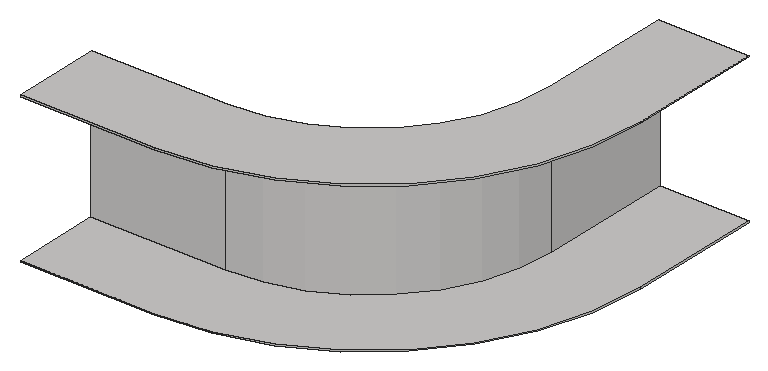
Revit family "S4R_OBO BETTERMANN_CableTray_Bend_Vertical_Outside_RBV F FS", category Cable Tray Fittings, Revit 2012
Parameters
  Wholesaler art.no. = ""
  Wholesaler = ""
  Watermarked By = "www.stabiplan.com"
  WIDTH2 [instance] = WIDTH1  # 100 mm
  WIDTH1 [instance] = 100 mm
  VERSION = "91900"  # constant formula
  URL = "www.stabiplan.com"
  built-in parameter 1140111 [instance] = 1 mm
  TYPE [instance] = "RBV F FS"  # constant formula
  StabiCAD_PM = ""
  Safe_Half_Height2 [instance] = if(not([built-in parameter 1140115] > Half_Height2), [built-in parameter 1140115] - 0.2 mm, Half_Height2)  # 30 mm
  Safe_Half_Height1 [instance] = if(not([built-in parameter 1140115] > Half_Height1), [built-in parameter 1140115] - 0.2 mm, Half_Height1)  # 30 mm
  Manufacturer = "OBO BETTERMANN"  # constant formula
  Lmin [instance] = if(LENGTH1 > LENGTH2, LENGTH2, LENGTH1) - L1_Tail  # 150 mm
  PRODUCTLINE [instance] = "OBO BETTERMANN CableTrays"  # constant formula
  LENGTH2 [instance] = if(and(WIDTH1 = 50 mm, HEIGHT1 = 60 mm, ANGLE2 = 90.00°), 240 mm, if(and(WIDTH1 = 100 mm, HEIGHT1 = 60 mm, ANGLE2 = 90.00°), 240 mm, if(and(WIDTH1 = 150 mm, HEIGHT1 = 60 mm, ANGLE2 = 90.00°), 240 mm, if(and(WIDTH1 = 200 mm, HEIGHT1 = 60 mm, ANGLE2 = 90.00°), 240 mm, if(and(WIDTH1 = 300 mm, HEIGHT1 = 60 mm, ANGLE2 = 90.00°), 240 mm, if(and(WIDTH1 = 400 mm, HEIGHT1 = 60 mm, ANGLE2 = 90.00°), 240 mm, if(and(WIDTH1 = 500 mm, HEIGHT1 = 60 mm, ANGLE2 = 90.00°), 240 mm, if(and(WIDTH1 = 600 mm, HEIGHT1 = 60 mm, ANGLE2 = 90.00°), 240 mm, if(and(WIDTH1 = 50 mm, HEIGHT1 = 35 mm, ANGLE2 = 90.00°), 227.5 mm, if(and(WIDTH1 = 100 mm, HEIGHT1 = 35 mm, ANGLE2 = 90.00°), 227.5 mm, if(and(WIDTH1 = 150 mm, HEIGHT1 = 35 mm, ANGLE2 = 90.00°), 227.5 mm, if(and(WIDTH1 = 200 mm, HEIGHT1 = 35 mm, ANGLE2 = 90.00°), 227.5 mm, if(and(WIDTH1 = 300 mm, HEIGHT1 = 35 mm, ANGLE2 = 90.00°), 227.5 mm, if(and(WIDTH1 = 100 mm, HEIGHT1 = 85 mm, ANGLE2 = 90.00°), 252.5 mm, if(and(WIDTH1 = 150 mm, HEIGHT1 = 85 mm, ANGLE2 = 90.00°), 252.5 mm, if(and(WIDTH1 = 200 mm, HEIGHT1 = 85 mm, ANGLE2 = 90.00°), 252.5 mm, if(and(WIDTH1 = 300 mm, HEIGHT1 = 85 mm, ANGLE2 = 90.00°), 252.5 mm, if(and(WIDTH1 = 400 mm, HEIGHT1 = 85 mm, ANGLE2 = 90.00°), 252.5 mm, if(and(WIDTH1 = 500 mm, HEIGHT1 = 85 mm, ANGLE2 = 90.00°), 252.5 mm, if(and(WIDTH1 = 600 mm, HEIGHT1 = 85 mm, ANGLE2 = 90.00°), 252.5 mm, if(and(WIDTH1 = 100 mm, HEIGHT1 = 110 mm, ANGLE2 = 90.00°), 270 mm, if(and(WIDTH1 = 150 mm, HEIGHT1 = 110 mm, ANGLE2 = 90.00°), 270 mm, if(and(WIDTH1 = 200 mm, HEIGHT1 = 110 mm, ANGLE2 = 90.00°), 270 mm, if(and(WIDTH1 = 300 mm, HEIGHT1 = 110 mm, ANGLE2 = 90.00°), 270 mm, if(and(WIDTH1 = 400 mm, HEIGHT1 = 110 mm, ANGLE2 = 90.00°), 270 mm, if(and(WIDTH1 = 500 mm, HEIGHT1 = 110 mm, ANGLE2 = 90.00°), 270 mm, if(and(WIDTH1 = 600 mm, HEIGHT1 = 110 mm, ANGLE2 = 90.00°), 270 mm, if(and(WIDTH1 = 100 mm, HEIGHT1 = 110 mm, ANGLE2 = 90.00°), 265 mm, if(and(WIDTH1 = 150 mm, HEIGHT1 = 110 mm, ANGLE2 = 90.00°), 265 mm, if(and(WIDTH1 = 200 mm, HEIGHT1 = 110 mm, ANGLE2 = 90.00°), 265 mm, if(and(WIDTH1 = 300 mm, HEIGHT1 = 110 mm, ANGLE2 = 90.00°), 265 mm, if(and(WIDTH1 = 400 mm, HEIGHT1 = 110 mm, ANGLE2 = 90.00°), 265 mm, if(and(WIDTH1 = 500 mm, HEIGHT1 = 110 mm, ANGLE2 = 90.00°), 265 mm, if(and(WIDTH1 = 600 mm, HEIGHT1 = 110 mm, ANGLE2 = 90.00°), 265 mm, WIDTH1))))))))))))))))))))))))))))))))))  # 240 mm
  LENGTH1 [instance] = if(and(WIDTH1 = 50 mm, HEIGHT1 = 60 mm, ANGLE2 = 90.00°), 240 mm, if(and(WIDTH1 = 100 mm, HEIGHT1 = 60 mm, ANGLE2 = 90.00°), 240 mm, if(and(WIDTH1 = 150 mm, HEIGHT1 = 60 mm, ANGLE2 = 90.00°), 240 mm, if(and(WIDTH1 = 200 mm, HEIGHT1 = 60 mm, ANGLE2 = 90.00°), 240 mm, if(and(WIDTH1 = 300 mm, HEIGHT1 = 60 mm, ANGLE2 = 90.00°), 240 mm, if(and(WIDTH1 = 400 mm, HEIGHT1 = 60 mm, ANGLE2 = 90.00°), 240 mm, if(and(WIDTH1 = 500 mm, HEIGHT1 = 60 mm, ANGLE2 = 90.00°), 240 mm, if(and(WIDTH1 = 600 mm, HEIGHT1 = 60 mm, ANGLE2 = 90.00°), 240 mm, if(and(WIDTH1 = 50 mm, HEIGHT1 = 35 mm, ANGLE2 = 90.00°), 227.5 mm, if(and(WIDTH1 = 100 mm, HEIGHT1 = 35 mm, ANGLE2 = 90.00°), 227.5 mm, if(and(WIDTH1 = 150 mm, HEIGHT1 = 35 mm, ANGLE2 = 90.00°), 227.5 mm, if(and(WIDTH1 = 200 mm, HEIGHT1 = 35 mm, ANGLE2 = 90.00°), 227.5 mm, if(and(WIDTH1 = 300 mm, HEIGHT1 = 35 mm, ANGLE2 = 90.00°), 227.5 mm, if(and(WIDTH1 = 100 mm, HEIGHT1 = 85 mm, ANGLE2 = 90.00°), 252.5 mm, if(and(WIDTH1 = 150 mm, HEIGHT1 = 85 mm, ANGLE2 = 90.00°), 252.5 mm, if(and(WIDTH1 = 200 mm, HEIGHT1 = 85 mm, ANGLE2 = 90.00°), 252.5 mm, if(and(WIDTH1 = 300 mm, HEIGHT1 = 85 mm, ANGLE2 = 90.00°), 252.5 mm, if(and(WIDTH1 = 400 mm, HEIGHT1 = 85 mm, ANGLE2 = 90.00°), 252.5 mm, if(and(WIDTH1 = 500 mm, HEIGHT1 = 85 mm, ANGLE2 = 90.00°), 252.5 mm, if(and(WIDTH1 = 600 mm, HEIGHT1 = 85 mm, ANGLE2 = 90.00°), 252.5 mm, if(and(WIDTH1 = 100 mm, HEIGHT1 = 110 mm, ANGLE2 = 90.00°), 270 mm, if(and(WIDTH1 = 150 mm, HEIGHT1 = 110 mm, ANGLE2 = 90.00°), 270 mm, if(and(WIDTH1 = 200 mm, HEIGHT1 = 110 mm, ANGLE2 = 90.00°), 270 mm, if(and(WIDTH1 = 300 mm, HEIGHT1 = 110 mm, ANGLE2 = 90.00°), 270 mm, if(and(WIDTH1 = 400 mm, HEIGHT1 = 110 mm, ANGLE2 = 90.00°), 270 mm, if(and(WIDTH1 = 500 mm, HEIGHT1 = 110 mm, ANGLE2 = 90.00°), 270 mm, if(and(WIDTH1 = 600 mm, HEIGHT1 = 110 mm, ANGLE2 = 90.00°), 270 mm, if(and(WIDTH1 = 100 mm, HEIGHT1 = 110 mm, ANGLE2 = 90.00°), 265 mm, if(and(WIDTH1 = 150 mm, HEIGHT1 = 110 mm, ANGLE2 = 90.00°), 265 mm, if(and(WIDTH1 = 200 mm, HEIGHT1 = 110 mm, ANGLE2 = 90.00°), 265 mm, if(and(WIDTH1 = 300 mm, HEIGHT1 = 110 mm, ANGLE2 = 90.00°), 265 mm, if(and(WIDTH1 = 400 mm, HEIGHT1 = 110 mm, ANGLE2 = 90.00°), 265 mm, if(and(WIDTH1 = 500 mm, HEIGHT1 = 110 mm, ANGLE2 = 90.00°), 265 mm, if(and(WIDTH1 = 600 mm, HEIGHT1 = 110 mm, ANGLE2 = 90.00°), 265 mm, WIDTH1))))))))))))))))))))))))))))))))))  # 240 mm
  L2_Tail [instance] = if(ISCUSTOM, 1 mm, 90 mm)  # 90 mm
  L1_Tail [instance] = if(ISCUSTOM, 1 mm, 90 mm)  # 90 mm
  Internal art.no. = ""
  ISCUSTOM [instance] = if(and(WIDTH1 = 50 mm, HEIGHT1 = 60 mm, ANGLE2 = 90.00°), 1 = 0, if(and(WIDTH1 = 100 mm, HEIGHT1 = 60 mm, ANGLE2 = 90.00°), 1 = 0, if(and(WIDTH1 = 150 mm, HEIGHT1 = 60 mm, ANGLE2 = 90.00°), 1 = 0, if(and(WIDTH1 = 200 mm, HEIGHT1 = 60 mm, ANGLE2 = 90.00°), 1 = 0, if(and(WIDTH1 = 300 mm, HEIGHT1 = 60 mm, ANGLE2 = 90.00°), 1 = 0, if(and(WIDTH1 = 400 mm, HEIGHT1 = 60 mm, ANGLE2 = 90.00°), 1 = 0, if(and(WIDTH1 = 500 mm, HEIGHT1 = 60 mm, ANGLE2 = 90.00°), 1 = 0, if(and(WIDTH1 = 600 mm, HEIGHT1 = 60 mm, ANGLE2 = 90.00°), 1 = 0, if(and(WIDTH1 = 50 mm, HEIGHT1 = 35 mm, ANGLE2 = 90.00°), 1 = 0, if(and(WIDTH1 = 100 mm, HEIGHT1 = 35 mm, ANGLE2 = 90.00°), 1 = 0, if(and(WIDTH1 = 150 mm, HEIGHT1 = 35 mm, ANGLE2 = 90.00°), 1 = 0, if(and(WIDTH1 = 200 mm, HEIGHT1 = 35 mm, ANGLE2 = 90.00°), 1 = 0, if(and(WIDTH1 = 300 mm, HEIGHT1 = 35 mm, ANGLE2 = 90.00°), 1 = 0, if(and(WIDTH1 = 100 mm, HEIGHT1 = 85 mm, ANGLE2 = 90.00°), 1 = 0, if(and(WIDTH1 = 150 mm, HEIGHT1 = 85 mm, ANGLE2 = 90.00°), 1 = 0, if(and(WIDTH1 = 200 mm, HEIGHT1 = 85 mm, ANGLE2 = 90.00°), 1 = 0, if(and(WIDTH1 = 300 mm, HEIGHT1 = 85 mm, ANGLE2 = 90.00°), 1 = 0, if(and(WIDTH1 = 400 mm, HEIGHT1 = 85 mm, ANGLE2 = 90.00°), 1 = 0, if(and(WIDTH1 = 500 mm, HEIGHT1 = 85 mm, ANGLE2 = 90.00°), 1 = 0, if(and(WIDTH1 = 600 mm, HEIGHT1 = 85 mm, ANGLE2 = 90.00°), 1 = 0, if(and(WIDTH1 = 100 mm, HEIGHT1 = 110 mm, ANGLE2 = 90.00°), 1 = 0, if(and(WIDTH1 = 150 mm, HEIGHT1 = 110 mm, ANGLE2 = 90.00°), 1 = 0, if(and(WIDTH1 = 200 mm, HEIGHT1 = 110 mm, ANGLE2 = 90.00°), 1 = 0, if(and(WIDTH1 = 300 mm, HEIGHT1 = 110 mm, ANGLE2 = 90.00°), 1 = 0, if(and(WIDTH1 = 400 mm, HEIGHT1 = 110 mm, ANGLE2 = 90.00°), 1 = 0, if(and(WIDTH1 = 500 mm, HEIGHT1 = 110 mm, ANGLE2 = 90.00°), 1 = 0, if(and(WIDTH1 = 600 mm, HEIGHT1 = 110 mm, ANGLE2 = 90.00°), 1 = 0, if(and(WIDTH1 = 100 mm, HEIGHT1 = 110 mm, ANGLE2 = 90.00°), 1 = 0, if(and(WIDTH1 = 150 mm, HEIGHT1 = 110 mm, ANGLE2 = 90.00°), 1 = 0, if(and(WIDTH1 = 200 mm, HEIGHT1 = 110 mm, ANGLE2 = 90.00°), 1 = 0, if(and(WIDTH1 = 300 mm, HEIGHT1 = 110 mm, ANGLE2 = 90.00°), 1 = 0, if(and(WIDTH1 = 400 mm, HEIGHT1 = 110 mm, ANGLE2 = 90.00°), 1 = 0, if(and(WIDTH1 = 500 mm, HEIGHT1 = 110 mm, ANGLE2 = 90.00°), 1 = 0, if(and(WIDTH1 = 600 mm, HEIGHT1 = 110 mm, ANGLE2 = 90.00°), 1 = 0, 1 = 1))))))))))))))))))))))))))))))))))  # no
  IFCExportType = ""
  IFCExportAs = ""
  Half_Height2 [instance] = HEIGHT2 / 2  # 30 mm
  Half_Height1 [instance] = HEIGHT1 / 2  # 30 mm
  HEIGHT2 [instance] = HEIGHT1  # 60 mm
  HEIGHT1 [instance] = 60 mm
  GTINNUMBER [instance] = if(and(WIDTH1 = 50 mm, HEIGHT1 = 60 mm, ANGLE2 = 90.00°), "4012195047438", if(and(WIDTH1 = 100 mm, HEIGHT1 = 60 mm, ANGLE2 = 90.00°), "4012195047445", if(and(WIDTH1 = 150 mm, HEIGHT1 = 60 mm, ANGLE2 = 90.00°), "4012195047452", if(and(WIDTH1 = 200 mm, HEIGHT1 = 60 mm, ANGLE2 = 90.00°), "4012195047469", if(and(WIDTH1 = 300 mm, HEIGHT1 = 60 mm, ANGLE2 = 90.00°), "4012195047490", if(and(WIDTH1 = 400 mm, HEIGHT1 = 60 mm, ANGLE2 = 90.00°), "4012195047506", if(and(WIDTH1 = 500 mm, HEIGHT1 = 60 mm, ANGLE2 = 90.00°), "4012195047513", if(and(WIDTH1 = 600 mm, HEIGHT1 = 60 mm, ANGLE2 = 90.00°), "4012195047520", if(and(WIDTH1 = 50 mm, HEIGHT1 = 35 mm, ANGLE2 = 90.00°), "4012195711469", if(and(WIDTH1 = 100 mm, HEIGHT1 = 35 mm, ANGLE2 = 90.00°), "4012195711476", if(and(WIDTH1 = 150 mm, HEIGHT1 = 35 mm, ANGLE2 = 90.00°), "4012195711483", if(and(WIDTH1 = 200 mm, HEIGHT1 = 35 mm, ANGLE2 = 90.00°), "4012195711513", if(and(WIDTH1 = 300 mm, HEIGHT1 = 35 mm, ANGLE2 = 90.00°), "4012195711520", if(and(WIDTH1 = 100 mm, HEIGHT1 = 85 mm, ANGLE2 = 90.00°), "4012195711636", if(and(WIDTH1 = 150 mm, HEIGHT1 = 85 mm, ANGLE2 = 90.00°), "4012195995715", if(and(WIDTH1 = 200 mm, HEIGHT1 = 85 mm, ANGLE2 = 90.00°), "4012195711643", if(and(WIDTH1 = 300 mm, HEIGHT1 = 85 mm, ANGLE2 = 90.00°), "4012195711650", if(and(WIDTH1 = 400 mm, HEIGHT1 = 85 mm, ANGLE2 = 90.00°), "4012195711667", if(and(WIDTH1 = 500 mm, HEIGHT1 = 85 mm, ANGLE2 = 90.00°), "4012195711698", if(and(WIDTH1 = 600 mm, HEIGHT1 = 85 mm, ANGLE2 = 90.00°), "4012195711704", if(and(WIDTH1 = 100 mm, HEIGHT1 = 110 mm, ANGLE2 = 90.00°), "4012195711711", if(and(WIDTH1 = 150 mm, HEIGHT1 = 110 mm, ANGLE2 = 90.00°), "4012195995579", if(and(WIDTH1 = 200 mm, HEIGHT1 = 110 mm, ANGLE2 = 90.00°), "4012195711728", if(and(WIDTH1 = 300 mm, HEIGHT1 = 110 mm, ANGLE2 = 90.00°), "4012195711759", if(and(WIDTH1 = 400 mm, HEIGHT1 = 110 mm, ANGLE2 = 90.00°), "4012195711766", if(and(WIDTH1 = 500 mm, HEIGHT1 = 110 mm, ANGLE2 = 90.00°), "4012195711773", if(and(WIDTH1 = 600 mm, HEIGHT1 = 110 mm, ANGLE2 = 90.00°), "4012195995586", if(and(WIDTH1 = 100 mm, HEIGHT1 = 110 mm, ANGLE2 = 90.00°), "4012195711810", if(and(WIDTH1 = 150 mm, HEIGHT1 = 110 mm, ANGLE2 = 90.00°), "4012195995616", if(and(WIDTH1 = 200 mm, HEIGHT1 = 110 mm, ANGLE2 = 90.00°), "4012195711827", if(and(WIDTH1 = 300 mm, HEIGHT1 = 110 mm, ANGLE2 = 90.00°), "4012195711834", if(and(WIDTH1 = 400 mm, HEIGHT1 = 110 mm, ANGLE2 = 90.00°), "4012195711841", if(and(WIDTH1 = 500 mm, HEIGHT1 = 110 mm, ANGLE2 = 90.00°), "4012195711872", if(and(WIDTH1 = 600 mm, HEIGHT1 = 110 mm, ANGLE2 = 90.00°), "4012195995623", "Unknown"))))))))))))))))))))))))))))))))))  # "4012195047445"
  ETIM article class = ""
  Description = "Vertical CableTray Bend Outside"
  DEEPLINK = "http://catalog1.obo-bettermann.com/catalogue/catalogue.do?forward=showProductGroup&act=showIO&favOid=kts_306657&action=showManyProducts&lang=de&OID=kts_306657&catId="
  Copyright = "© Stabiplan BV / Stabiplan International BV"  # constant formula
  CT2 [instance] = 1
  CT1 [instance] = 1
  BodyColor = Steel
  built-in parameter 1140115 [instance] = Lmin / tan(ANGLE2 / 2)  # 150 mm
  ARTICLENUMBER [instance] = if(and(WIDTH1 = 50 mm, HEIGHT1 = 60 mm, ANGLE2 = 90.00°), "7007051", if(and(WIDTH1 = 100 mm, HEIGHT1 = 60 mm, ANGLE2 = 90.00°), "7007055", if(and(WIDTH1 = 150 mm, HEIGHT1 = 60 mm, ANGLE2 = 90.00°), "7007059", if(and(WIDTH1 = 200 mm, HEIGHT1 = 60 mm, ANGLE2 = 90.00°), "7007063", if(and(WIDTH1 = 300 mm, HEIGHT1 = 60 mm, ANGLE2 = 90.00°), "7007067", if(and(WIDTH1 = 400 mm, HEIGHT1 = 60 mm, ANGLE2 = 90.00°), "7007071", if(and(WIDTH1 = 500 mm, HEIGHT1 = 60 mm, ANGLE2 = 90.00°), "7007075", if(and(WIDTH1 = 600 mm, HEIGHT1 = 60 mm, ANGLE2 = 90.00°), "7007079", if(and(WIDTH1 = 50 mm, HEIGHT1 = 35 mm, ANGLE2 = 90.00°), "7007200", if(and(WIDTH1 = 100 mm, HEIGHT1 = 35 mm, ANGLE2 = 90.00°), "7007204", if(and(WIDTH1 = 150 mm, HEIGHT1 = 35 mm, ANGLE2 = 90.00°), "7007208", if(and(WIDTH1 = 200 mm, HEIGHT1 = 35 mm, ANGLE2 = 90.00°), "7007212", if(and(WIDTH1 = 300 mm, HEIGHT1 = 35 mm, ANGLE2 = 90.00°), "7007216", if(and(WIDTH1 = 100 mm, HEIGHT1 = 85 mm, ANGLE2 = 90.00°), "7007270", if(and(WIDTH1 = 150 mm, HEIGHT1 = 85 mm, ANGLE2 = 90.00°), "7007272", if(and(WIDTH1 = 200 mm, HEIGHT1 = 85 mm, ANGLE2 = 90.00°), "7007274", if(and(WIDTH1 = 300 mm, HEIGHT1 = 85 mm, ANGLE2 = 90.00°), "7007278", if(and(WIDTH1 = 400 mm, HEIGHT1 = 85 mm, ANGLE2 = 90.00°), "7007282", if(and(WIDTH1 = 500 mm, HEIGHT1 = 85 mm, ANGLE2 = 90.00°), "7007286", if(and(WIDTH1 = 600 mm, HEIGHT1 = 85 mm, ANGLE2 = 90.00°), "7007290", if(and(WIDTH1 = 100 mm, HEIGHT1 = 110 mm, ANGLE2 = 90.00°), "7007310", if(and(WIDTH1 = 150 mm, HEIGHT1 = 110 mm, ANGLE2 = 90.00°), "7007312", if(and(WIDTH1 = 200 mm, HEIGHT1 = 110 mm, ANGLE2 = 90.00°), "7007314", if(and(WIDTH1 = 300 mm, HEIGHT1 = 110 mm, ANGLE2 = 90.00°), "7007318", if(and(WIDTH1 = 400 mm, HEIGHT1 = 110 mm, ANGLE2 = 90.00°), "7007322", if(and(WIDTH1 = 500 mm, HEIGHT1 = 110 mm, ANGLE2 = 90.00°), "7007326", if(and(WIDTH1 = 600 mm, HEIGHT1 = 110 mm, ANGLE2 = 90.00°), "7007333", if(and(WIDTH1 = 100 mm, HEIGHT1 = 110 mm, ANGLE2 = 90.00°), "7007350", if(and(WIDTH1 = 150 mm, HEIGHT1 = 110 mm, ANGLE2 = 90.00°), "7007352", if(and(WIDTH1 = 200 mm, HEIGHT1 = 110 mm, ANGLE2 = 90.00°), "7007354", if(and(WIDTH1 = 300 mm, HEIGHT1 = 110 mm, ANGLE2 = 90.00°), "7007358", if(and(WIDTH1 = 400 mm, HEIGHT1 = 110 mm, ANGLE2 = 90.00°), "7007362", if(and(WIDTH1 = 500 mm, HEIGHT1 = 110 mm, ANGLE2 = 90.00°), "7007366", if(and(WIDTH1 = 600 mm, HEIGHT1 = 110 mm, ANGLE2 = 90.00°), "7007373", "Unknown"))))))))))))))))))))))))))))))))))  # "7007055"
  ARTICLEDESCRIPTION [instance] = "Vertical CableTray Bend Outside"
  ANGLE2 [instance] = 90.00°
Reference planes
  plane 1 "Center (Front/Back)": y = 0
  plane 2: z = 0
  plane 3 "Center (Left/Right)": x = 0
  plane 4: y = 150
  plane 5: x = -150
Forms (mm)
  Sweep 1, solid, material "Steel" <- "BodyColor", detail levels medium
    path in 3D
      loop
        line (-150, 0, 0) -> (-240, 0, 0)
    profile origin (-195, 0, 0) x (0, -1, 0) y (0, 0, 1)
      loop
        line (-30, 50) -> (-30, -50) -> (30, -50) -> (30, 50) -> (-30, 50)
  Sweep 2, solid, material "Steel" <- "BodyColor", detail levels medium
    path in 3D
      loop
        line (0, 150, 0) -> (0, 240, 0)
    profile origin (0, 195, 0) x (-1, 0, 0) y (0, 0, 1)
      loop
        line (30, -50) -> (30, 50) -> (-30, 50) -> (-30, -50) -> (30, -50)
  SweptBlend 3, solid, material "Steel" <- "BodyColor", detail levels medium
    path in 3D
      loop
        arc (-150, 0, 0) -> (-43.934, 43.934, 0) -> (0, 150, 0) r 150
    profile origin (-150, 0, 0) x (0, 1, 0) y (0, 0, 1)
      loop
        line (30, 50) -> (-30, 50) -> (-30, -50) -> (30, -50) -> (30, 50)
    end profile origin (0, 150, 0) x (-1, 0, 0) y (0, 0, 1)
      loop
        line (30, 50) -> (-30, 50) -> (-30, -50) -> (30, -50) -> (30, 50)
  Sweep 4, solid, material "Steel" <- "BodyColor", detail levels fine
    path in 3D
      loop
        line (-150, 0, 0) -> (-240, 0, 0)
    profile origin (-195, 0, 0) x (0, -1, 0) y (0, 0, 1)
      loop
        line (30, 50) -> (-30, 50) -> (-30, -50) -> (30, -50) -> (30, -49) -> (-29, -49) -> (-29, 49) -> (30, 49) -> (30, 50)
  Sweep 5, solid, material "Steel" <- "BodyColor", detail levels fine
    path in 3D
      loop
        line (0, 150, 0) -> (0, 240, 0)
    profile origin (0, 195, 0) x (-1, 0, 0) y (0, 0, 1)
      loop
        line (-30, 50) -> (-30, 49) -> (29, 49) -> (29, -49) -> (-30, -49) -> (-30, -50) -> (30, -50) -> (30, 50) -> (-30, 50)
  SweptBlend 6, solid, material "Steel" <- "BodyColor", detail levels fine
    path in 3D
      loop
        arc (-150, 0, 0) -> (-43.934, 43.934, 0) -> (0, 150, 0) r 150
    profile origin (-150, 0, 0) x (0, 1, 0) y (0, 0, 1)
      loop
        line (-30, 50) -> (-30, 49) -> (29, 49) -> (29, -49) -> (-30, -49) -> (-30, -50) -> (30, -50) -> (30, 50) -> (-30, 50)
    end profile origin (0, 150, 0) x (-1, 0, 0) y (0, 0, 1)
      loop
        line (-30, 50) -> (-30, 49) -> (29, 49) -> (29, -49) -> (-30, -49) -> (-30, -50) -> (30, -50) -> (30, 50) -> (-30, 50)
Cuts and joins
  joined: Sweep 1, Sweep 2, SweptBlend 3
  joined: Sweep 4, Sweep 5, SweptBlend 6
Lines and regions (mm)
  reference lines
    curve 1: line (-150, 150, 0) -> (-150, 0, 0)
    curve 2: line (-150, 0, 0) -> (0, 0, 0)
    curve 3: line (0, 0, 0) -> (0, 150, 0)
    curve 4: line (0, 150, 0) -> (-150, 150, 0)
    curve 5: arc (-150, 0, 0) -> (-43.934, 43.934, 0) -> (0, 150, 0) r 150
    curve 6: line (-150, 0, 0) -> (-240, 0, 0)
    curve 7: line (0, 150, 0) -> (0, 240, 0)
  model lines, style "Coarse", detail levels coarse
    curve 8: line (-150, 0, 0) -> (-240, 0, 0)
    curve 9: arc (-150, 0, 0) -> (-43.934, 43.934, 0) -> (0, 150, 0) r 150
    curve 10: line (0, 150, 0) -> (0, 240, 0)
  sketch lines
    curve 11: line (-150, 0, 0) -> (-240, 0, 0)
    curve 12: line (0, 150, 0) -> (0, 240, 0)
    curve 13: arc (-150, 0, 0) -> (-43.934, 43.934, 0) -> (0, 150, 0) r 150
    curve 14: line (-150, 0, 0) -> (-240, 0, 0)
    curve 15: line (0, 150, 0) -> (0, 240, 0)
    curve 16: arc (-150, 0, 0) -> (-43.934, 43.934, 0) -> (0, 150, 0) r 150
Dimensions and locks
  "Lmin": plane 5 to plane 3 "Center (Left/Right)"
  "built-in parameter 1140115": plane 4 to plane 1 "Center (Front/Back)"
  "built-in parameter 1140115": curve 4 to curve 4
  "built-in parameter 1140115": plane 1 "Center (Front/Back)" to curve 1
  "L1_Tail": curve 6 to curve 6
  "L2_Tail": curve 7 to curve 7
  "L1_Tail": curve 8 to curve 8
  "L2_Tail": curve 10 to curve 10
  equal spacing: Sweep 1 sketch curve, profile plane, Sweep 1 sketch curve  (x2)
  "HEIGHT1": Sweep 1 sketch curve to Sweep 1 sketch curve
  "WIDTH1": Sweep 1 sketch curve to Sweep 1 sketch curve
  equal spacing: Sweep 2 sketch curve, profile plane, Sweep 2 sketch curve  (x2)
  "HEIGHT2": Sweep 2 sketch curve to Sweep 2 sketch curve
  "WIDTH2": Sweep 2 sketch curve to Sweep 2 sketch curve
  equal spacing: SweptBlend 3 sketch curve, profile plane, SweptBlend 3 sketch curve  (x2)
  "WIDTH1": SweptBlend 3 sketch curve to SweptBlend 3 sketch curve
  "WIDTH2": SweptBlend 3 sketch curve to SweptBlend 3 sketch curve
  equal spacing: Sweep 4 sketch curve, profile plane, Sweep 4 sketch curve  (x3)
  "WIDTH1": Sweep 4 sketch curve to Sweep 4 sketch curve
  "HEIGHT1": Sweep 4 sketch curve to Sweep 4 sketch curve
  "built-in parameter 1140111": Sweep 4 sketch curve to Sweep 4 sketch curve  (x3)
  equal spacing: Sweep 5 sketch curve, profile plane, Sweep 5 sketch curve  (x3)
  "HEIGHT2": Sweep 5 sketch curve to Sweep 5 sketch curve
  "WIDTH2": Sweep 5 sketch curve to Sweep 5 sketch curve
  "built-in parameter 1140111": Sweep 5 sketch curve to Sweep 5 sketch curve  (x3)
  "built-in parameter 1140111": SweptBlend 6 sketch curve to SweptBlend 6 sketch curve  (x6)
  equal spacing: SweptBlend 6 sketch curve, profile plane, SweptBlend 6 sketch curve  (x2)
  "WIDTH1": SweptBlend 6 sketch curve to SweptBlend 6 sketch curve
  "WIDTH2": SweptBlend 6 sketch curve to SweptBlend 6 sketch curve
  "Half_Height1": SweptBlend 6 sketch curve to profile plane  (x2)
  "Safe_Half_Height1": profile plane to SweptBlend 6 sketch curve
  "Half_Height2": profile plane to SweptBlend 6 sketch curve  (x2)
  "Safe_Half_Height2": SweptBlend 6 sketch curve to profile plane
  "Safe_Half_Height2": SweptBlend 3 sketch curve to profile plane
  "Half_Height2": profile plane to SweptBlend 3 sketch curve
  "Safe_Half_Height1": profile plane to SweptBlend 3 sketch curve
  "Half_Height1": SweptBlend 3 sketch curve to profile plane
  "built-in parameter 1140115": radius of curve 5
  "ANGLE2": angle plane 5 to curve 4
  locked: curve 7 to curve 4 (angle 90.00°)
  "ANGLE2": angle curve 9 to curve 9
  locked: curve 10 to curve 4 (angle 90.00°)
  aligned and locked: level to plane 2
  aligned and locked: plane 1 "Center (Front/Back)" to curve 2  (x2)
  aligned and locked: plane 3 "Center (Left/Right)" to curve 2
  aligned and locked: curve 1 to plane 5
  aligned and locked: curve 9 to curve 5
Connectors
  cabletrayconduit at (-240, 0, 0), driven by "WIDTH1", driven by "HEIGHT1", driven by "ANGLE2"
    settings: on Sweep 1, index 1, connector width 60 mm, connector height 100 mm, connector radius 300 mm, connector angle 90.00°, system type 32, placement type 0, profile type 1, connector reference index 2, is primary connector yes, connector utility param no, connector description ""
  cabletrayconduit at (0, 240, 0), driven by "ANGLE2", driven by "WIDTH2", driven by "HEIGHT2"
    settings: on Sweep 2, index 2, connector width 60 mm, connector height 100 mm, connector radius 300 mm, connector angle 90.00°, system type 32, placement type 0, profile type 1, connector reference index 1, is primary connector no, connector utility param no, connector description ""
